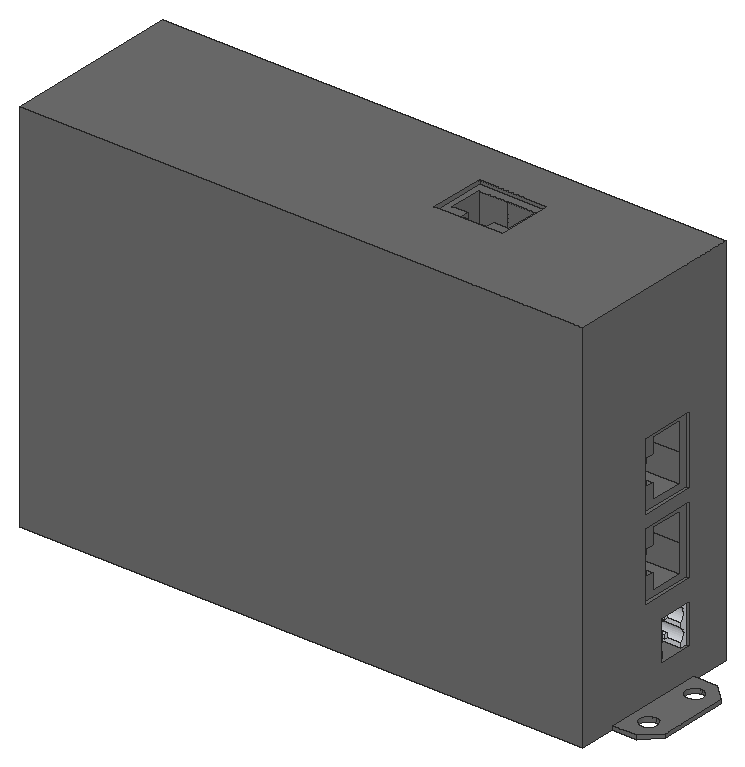
Revit family "Б747 VoIP шлюз_RV17_LOD400 (05.11.23)", category Электрооборудование, Revit 2017
Family settings
  Конфигурация панели = Два столбца, слева направо
  Размер круглого соединителя = Использовать диаметр
  Тип детали = Щит
  На основе рабочей плоскости = Да
  Всегда вертикально = Нет
  При загрузке вырезать с полостями = Нет
  Общий = Нет
  Точка расчета площади = Нет
Parameters (values of type "Б747 VoIP шлюз")
  Смещение_УГО_Y [instance] = 0 mm
  Смещение_УГО_X [instance] = 0 mm
  Режим работы = "непрерывный"
  Раздел проекта [instance] = ""
  Раздел Спецификации [instance] = ""
  Потребляемый ток при 12В / 24В, А = "0,6 / 0,2"
  Default Elevation = 1219.2 mm
  Напряжение = "12"
  Интерфейс связи = "10BaseT/100BaseTX Ethernet"
  Диапазон напряжения электропитания постоянного тока, В = "12-24 (Passive РоЕ)"
  В_Смещение_УГО_Y [instance] = Смещение_УГО_Y + 2000 mm  # 2000 mm
  В_Смещение_УГО_X [instance] = Смещение_УГО_X + 2000 mm  # 2000 mm
  d_короба = 20 mm
  ADSK_Размер_Длина = 159 mm
  ADSK_Размер_Глубина = 93 mm
  ADSK_Размер_Высота = 44 mm
  ADSK_Примечание = ""
  ADSK_Наименование = "VoIP шлюз Б747"
  ADSK_Масса = 0.5
  ADSK_Марка = "СТВФ.426471.041"
  ADSK_Количество = 1
  ADSK_Завод-изготовитель = "ООО «Основа Безопасности»"  # constant formula
  ADSK_Единица измерения = "шт."  # constant formula
  ADSK_URL страницы изделия = "https://stilsoft.ru/products/b747"
  ADSK_URL документации изделия = ""
Reference planes
  plane 1 "По центру (Вперед/Назад)": y = 0
  plane 2: z = 0
  plane 3 "По центру (Влево/Вправо)": x = 0
  plane 4: y = 2000
  plane 5: x = -2000
  plane 6: x = 0
  plane 7: y = 0
  plane 8: x = -69.5
  plane 9 "1": x = 69.5
  plane 10: y = 22.5
  plane 11: y = -21.5
  plane 12: x = -79.5
  plane 13: x = 79.5
Forms (mm)
  Extrusion 1, solid, material "корпус", detail levels medium+fine
    sketch origin (0, 22.5, 0) x (0, -1, 0) y (1, 0, 0)
      loop
        line (44, -69.5) -> (44, 69.5) -> (0, 69.5) -> (0, -69.5) -> (44, -69.5)
    from 0 to 93
  Extrusion 2, solid, material "корпус", detail levels medium+fine
    sketch origin (0, 22.5, 0) x (0, -1, 0) y (1, 0, 0)
      loop
        line (10, -69.5) -> (10, -75.507) -> (13.993, -79.5) -> (31.007, -79.5) -> (35, -75.507) -> (35, -69.5) -> (10, -69.5)
      loop
        circle (29.645, -74.285) r 2.183
      loop
        circle (15.355, -74.285) r 2.183
      loop
        line (10, 69.5) -> (35, 69.5) -> (35, 75.507) -> (31.007, 79.5) -> (13.993, 79.5) -> (10, 75.507) -> (10, 69.5)
      loop
        circle (29.645, 74.285) r 2.183
      loop
        circle (15.355, 74.285) r 2.183
    from 0 to 1
  Extrusion 3, void
    sketch origin (69.5, 22.5, -8.998) x (0, 0, -1) y (0, -1, 0)
      loop
        line (-68.973, 10.927) -> (-51.973, 10.927) -> (-51.973, 24.927) -> (-68.973, 24.927) -> (-68.973, 10.927)
    from 0 to 1
  Extrusion 4, void
    sketch origin (69.5, 22.5, -27.908) x (0, 0, -1) y (0, -1, 0)
      loop
        line (-67.973, 10.927) -> (-50.973, 10.927) -> (-50.973, 24.927) -> (-67.973, 24.927) -> (-67.973, 10.927)
    from 0 to 1
  Extrusion 5, void
    sketch origin (69.5, 22.5, -8.998) x (0, 0, -1) y (0, -1, 0)
      loop
        line (-60.473, 12.927) -> (-53.433, 12.927) -> (-53.433, 21.216) -> (-57.301, 21.216) -> (-57.301, 23.296) -> (-58.634, 23.296) -> (-58.634, 24.434) -> (-60.473, 24.434) -> (-62.313, 24.434) -> (-62.313, 23.296) -> (-63.646, 23.296) -> (-63.646, 21.216) -> (-67.514, 21.216) -> (-67.514, 12.927) -> (-60.473, 12.927)
      loop
        line (-40.473, 12.927) -> (-33.433, 12.927) -> (-33.433, 21.216) -> (-37.301, 21.216) -> (-37.301, 23.296) -> (-38.634, 23.296) -> (-38.634, 24.434) -> (-40.473, 24.434) -> (-42.313, 24.434) -> (-42.313, 23.296) -> (-43.646, 23.296) -> (-43.646, 21.216) -> (-47.514, 21.216) -> (-47.514, 12.927) -> (-40.473, 12.927)
    from 1 to 12
  Extrusion 6, void
    sketch origin (-37.5, 22.5, 93) x (-1, 0, 0) y (0, -1, 0)
      loop
        line (-55, 10.927) -> (-55, 24.927) -> (-72, 24.927) -> (-72, 10.927) -> (-55, 10.927)
    from 0 to -1
  Extrusion 7, void
    sketch origin (-37.5, 22.5, 93) x (-1, 0, 0) y (0, -1, 0)
      loop
        line (-63.5, 12.927) -> (-56.459, 12.927) -> (-56.459, 21.216) -> (-60.328, 21.216) -> (-60.328, 23.296) -> (-61.66, 23.296) -> (-61.66, 24.434) -> (-63.5, 24.434) -> (-65.34, 24.434) -> (-65.34, 23.296) -> (-66.672, 23.296) -> (-66.672, 21.216) -> (-70.541, 21.216) -> (-70.541, 12.927) -> (-63.5, 12.927)
    from -1 to -12
  Extrusion 8, void
    sketch origin (69.5, 22.5, 0) x (0, 0, -1) y (0, -1, 0)
      loop
        line (-17.959, 10.927) -> (-7.959, 10.927) -> (-7.959, 19.927) -> (-17.959, 19.927) -> (-17.959, 10.927)
    from 0 to 10
  Extrusion 9, solid, detail levels medium+fine
    sketch origin (69.5, 22.5, 0) x (0, 0, -1) y (0, -1, 0)
      loop
        line (-7.959, 12.515) -> (-8.959, 12.515)
        arc (-8.959, 12.515) -> (-10.681, 11.699) -> (-12.402, 12.515) r 2.224
        line (-12.402, 12.515) -> (-13.457, 12.515)
        arc (-13.457, 12.515) -> (-15.215, 11.623) -> (-16.972, 12.515) r 2.178
        line (-16.972, 12.515) -> (-17.959, 12.515) -> (-17.959, 10.927) -> (-7.959, 10.927) -> (-7.959, 12.515)
    from 10 to 1
  Extrusion 10, solid, detail levels medium+fine
    sketch origin (69.5, 22.5, 0) x (0, 0, -1) y (0, -1, 0)
      loop
        line (-7.959, 19.534) -> (-17.959, 19.534) -> (-17.959, 17.823) -> (-7.959, 17.823) -> (-7.959, 19.534)
    from 10 to 3
  Blend 11, solid, detail levels medium+fine
    base sketch origin (69.5, 22.5, 0) x (0, 0, -1) y (0, -1, 0)
      loop
        line (-7.959, 19.534) -> (-9.981, 19.534) -> (-9.981, 17.823) -> (-7.959, 17.823) -> (-7.959, 19.534)
    top sketch origin (69.5, 22.5, 0) x (0, 0, -1) y (0, -1, 0)
      loop
        line (-7.959, 19.139) -> (-9.674, 19.139) -> (-9.674, 18.224) -> (-7.959, 18.224) -> (-7.959, 19.139)
    from 4 to 1
  Blend 12, solid, detail levels medium+fine
    base sketch origin (69.5, 22.5, 25.918) x (0, 0, 1) y (0, 1, 0)
      loop
        line (-7.959, -19.534) -> (-7.959, -17.823) -> (-9.981, -17.823) -> (-9.981, -19.534) -> (-7.959, -19.534)
    top sketch origin (69.5, 22.5, 25.918) x (0, 0, 1) y (0, 1, 0)
      loop
        line (-7.959, -19.139) -> (-7.959, -18.224) -> (-9.674, -18.224) -> (-9.674, -19.139) -> (-7.959, -19.139)
    from 4 to 1
  Blend 13, solid, detail levels medium+fine
    base sketch origin (69.5, 22.5, 0) x (0, 0, -1) y (0, -1, 0)
      loop
        line (-11.265, 19.534) -> (-14.611, 19.534) -> (-14.611, 17.823) -> (-11.265, 17.823) -> (-11.265, 19.534)
    top sketch origin (69.5, 22.5, 0) x (0, 0, -1) y (0, -1, 0)
      loop
        line (-11.644, 19.139) -> (-14.232, 19.139) -> (-14.232, 18.224) -> (-11.644, 18.224) -> (-11.644, 19.139)
    from 4 to 1
  Extrusion 14, solid, detail levels medium+fine
    sketch origin (69.5, 22.5, 0) x (0, 0, -1) y (0, -1, 0)
      loop
        circle (-15.215, 14.723) r 1.188
      loop
        circle (-10.739, 14.723) r 1.188
    from 10 to 9
  Blend 15, solid, detail levels medium+fine
    base sketch origin (69.5, 22.5, 0) x (0, 0, -1) y (0, -1, 0)
      loop
        line (-9.999, 15.376) -> (-11.489, 15.376) -> (-11.489, 14.034) -> (-9.999, 14.034) -> (-9.999, 15.376)
    top sketch origin (69.5, 22.5, 0) x (0, 0, -1) y (0, -1, 0)
      loop
        line (-10.289, 15.082) -> (-11.282, 15.082) -> (-11.282, 14.296) -> (-10.289, 14.296) -> (-10.289, 15.082)
    from 9 to 3
  Blend 16, solid, detail levels medium+fine
    base sketch origin (69.5, 22.5, 25.918) x (0, 0, 1) y (0, 1, 0)
      loop
        line (-9.999, -15.376) -> (-9.999, -14.034) -> (-11.489, -14.034) -> (-11.489, -15.376) -> (-9.999, -15.376)
    top sketch origin (69.5, 22.5, 25.918) x (0, 0, 1) y (0, 1, 0)
      loop
        line (-10.289, -15.082) -> (-10.289, -14.296) -> (-11.282, -14.296) -> (-11.282, -15.082) -> (-10.289, -15.082)
    from 9 to 3
Cuts and joins
  Extrusion 3, Extrusion 4, Extrusion 5, Extrusion 6, Extrusion 7, Extrusion 8 cuts Extrusion 1
Dimensions and locks
  locked: plane 4 to plane 1 "По центру (Вперед/Назад)" at 2000
  locked: plane 5 to plane 3 "По центру (Влево/Вправо)" at 2000
  "В_Смещение_УГО_X": plane 5 to plane 6
  "В_Смещение_УГО_Y": plane 4 to plane 7
  "ADSK_Размер_Глубина": cut or joined group of Extrusion 1, Extrusion 3, Extrusion 4, Extrusion 5, Extrusion 6, Extrusion 7, Extrusion 8 to level
  "ADSK_Размер_Высота": plane 11 to plane 10
  "ADSK_Размер_Длина": plane 12 to plane 13
  aligned and locked: level to plane 2
Automatic sketch dimensions
  Extrusion 2 sketch curve to plane 8 = 0 mm
  Extrusion 2 sketch curve to plane 9 "1" = 0 mm
  Extrusion 2 sketch curve to plane 1 "По центру (Вперед/Назад)" = 12.5 mm  (x2)
  Extrusion 2 sketch curve to Extrusion 2 sketch curve = 3.993 mm  (x2)
  Extrusion 2 sketch curve to Extrusion 2 sketch curve = 1.362 mm  (x4)
  Extrusion 2 sketch curve to plane 9 "1" = 4.785 mm  (x2)
  Extrusion 2 sketch curve to Extrusion 2 sketch curve = 14.289 mm  (x2)
  Extrusion 2 sketch curve to plane 8 = 4.785 mm  (x2)
  Extrusion 2 sketch curve to Extrusion 2 sketch curve = 5.355 mm  (x2)
  Extrusion 1 sketch curve to plane 1 "По центру (Вперед/Назад)" = 22.5 mm
  Extrusion 1 sketch curve to plane 8 = 0 mm
  Extrusion 1 sketch curve to plane 9 "1" = 0 mm
  plane 1 "По центру (Вперед/Назад)" to Extrusion 1 sketch curve = 21.5 mm
  Extrusion 3 sketch curve to plane 1 "По центру (Вперед/Назад)" = 11.573 mm
  Extrusion 3 sketch curve to Extrusion 3 sketch curve = 14 mm
  Extrusion 4 sketch curve to Extrusion 4 sketch curve = 17 mm
  Extrusion 4 sketch curve to plane 1 "По центру (Вперед/Назад)" = 11.573 mm
  Extrusion 4 sketch curve to Extrusion 4 sketch curve = 14 mm
  Extrusion 5 sketch curve to Extrusion 5 sketch curve = 3.868 mm  (x4)
  Extrusion 5 sketch curve to Extrusion 5 sketch curve = 1.333 mm  (x4)
  Extrusion 5 sketch curve to Extrusion 5 sketch curve = 7.041 mm  (x2)
  Extrusion 5 sketch curve to Extrusion 5 sketch curve = 1.84 mm  (x4)
  Extrusion 5 sketch curve to plane 1 "По центру (Вперед/Назад)" = 9.573 mm  (x2)
  Extrusion 5 sketch curve to Extrusion 5 sketch curve = 8.288 mm  (x2)
  Extrusion 5 sketch curve to Extrusion 5 sketch curve = 0 mm  (x2)
  Extrusion 5 sketch curve to Extrusion 5 sketch curve = 2.08 mm  (x4)
  Extrusion 5 sketch curve to Extrusion 5 sketch curve = 1.138 mm  (x2)
  Extrusion 6 sketch curve to plane 1 "По центру (Вперед/Назад)" = 11.573 mm
  plane 3 "По центру (Влево/Вправо)" to Extrusion 6 sketch curve = 34.5 mm
  Extrusion 6 sketch curve to Extrusion 6 sketch curve = 17 mm
  Extrusion 6 sketch curve to Extrusion 6 sketch curve = 14 mm
  Extrusion 7 sketch curve to plane 1 "По центру (Вперед/Назад)" = 9.573 mm
  plane 3 "По центру (Влево/Вправо)" to Extrusion 7 sketch curve = 33.041 mm
  Extrusion 7 sketch curve to Extrusion 7 sketch curve = 3.868 mm
  Extrusion 7 sketch curve to Extrusion 7 sketch curve = 1.333 mm  (x2)
  Extrusion 7 sketch curve to Extrusion 7 sketch curve = 7.041 mm  (x2)
  Extrusion 7 sketch curve to Extrusion 7 sketch curve = 1.84 mm  (x2)
  Extrusion 7 sketch curve to Extrusion 7 sketch curve = 8.288 mm
  Extrusion 7 sketch curve to Extrusion 7 sketch curve = 0 mm
  Extrusion 7 sketch curve to Extrusion 7 sketch curve = 2.08 mm  (x2)
  Extrusion 7 sketch curve to Extrusion 7 sketch curve = 1.138 mm
  level to Extrusion 8 sketch curve = 17.959 mm
  level to Extrusion 8 sketch curve = 7.959 mm
  Extrusion 8 sketch curve to plane 1 "По центру (Вперед/Назад)" = 11.573 mm
  Extrusion 8 sketch curve to Extrusion 8 sketch curve = 9 mm
  level to Extrusion 9 sketch curve = 17.959 mm
  Extrusion 9 sketch curve to Extrusion 9 sketch curve = 0.986 mm
  Extrusion 9 sketch curve to Extrusion 9 sketch curve = 1.758 mm  (x2)
  Extrusion 9 sketch curve to Extrusion 9 sketch curve = 1.055 mm
  Extrusion 9 sketch curve to Extrusion 9 sketch curve = 1.722 mm  (x2)
  Extrusion 9 sketch curve to Extrusion 9 sketch curve = 1 mm
  Extrusion 9 sketch curve to plane 1 "По центру (Вперед/Назад)" = 11.573 mm
  Extrusion 9 sketch curve to Extrusion 9 sketch curve = 1.588 mm
  Extrusion 9 sketch curve to Extrusion 9 sketch curve = 1.286 mm
  Extrusion 9 sketch curve to Extrusion 9 sketch curve = 1.408 mm
  level to Extrusion 10 sketch curve = 17.959 mm
  level to Extrusion 10 sketch curve = 7.959 mm
  Extrusion 10 sketch curve to plane 1 "По центру (Вперед/Назад)" = 4.677 mm
  Extrusion 10 sketch curve to Extrusion 10 sketch curve = 1.711 mm
  level to Blend 11 sketch curve = 9.981 mm
  Blend 11 sketch curve to Blend 11 sketch curve = 2.023 mm
  Blend 11 sketch curve to plane 1 "По центру (Вперед/Назад)" = 4.677 mm
  Blend 11 sketch curve to Blend 11 sketch curve = 1.711 mm
  level to Blend 11 sketch curve = 9.674 mm
  Blend 11 sketch curve to Blend 11 sketch curve = 1.716 mm
  Blend 11 sketch curve to plane 1 "По центру (Вперед/Назад)" = 4.276 mm
  Blend 11 sketch curve to Blend 11 sketch curve = 0.915 mm
  Blend 12 sketch curve to level = 15.936 mm
  Blend 12 sketch curve to Blend 12 sketch curve = 2.023 mm
  plane 1 "По центру (Вперед/Назад)" to Blend 12 sketch curve = 4.677 mm
  Blend 12 sketch curve to Blend 12 sketch curve = 1.711 mm
  Blend 12 sketch curve to level = 16.243 mm
  Blend 12 sketch curve to Blend 12 sketch curve = 1.716 mm
  plane 1 "По центру (Вперед/Назад)" to Blend 12 sketch curve = 4.276 mm
  Blend 12 sketch curve to Blend 12 sketch curve = 0.915 mm
  level to Blend 13 sketch curve = 14.611 mm
  Blend 13 sketch curve to Blend 13 sketch curve = 3.347 mm
  Blend 13 sketch curve to plane 1 "По центру (Вперед/Назад)" = 4.677 mm
  Blend 13 sketch curve to Blend 13 sketch curve = 1.711 mm
  level to Blend 13 sketch curve = 14.232 mm
  Blend 13 sketch curve to Blend 13 sketch curve = 2.589 mm
  Blend 13 sketch curve to plane 1 "По центру (Вперед/Назад)" = 4.276 mm
  Blend 13 sketch curve to Blend 13 sketch curve = 0.915 mm
  level to Extrusion 14 sketch curve = 15.215 mm
  Extrusion 14 sketch curve to Extrusion 14 sketch curve = 4.476 mm
  Extrusion 14 sketch curve to plane 1 "По центру (Вперед/Назад)" = 7.777 mm
  Extrusion 14 sketch curve to Extrusion 14 sketch curve = 0 mm
  level to Blend 15 sketch curve = 11.489 mm
  Blend 15 sketch curve to Blend 15 sketch curve = 1.489 mm
  Blend 15 sketch curve to plane 1 "По центру (Вперед/Назад)" = 8.466 mm
  Blend 15 sketch curve to Blend 15 sketch curve = 1.342 mm
  level to Blend 15 sketch curve = 11.282 mm
  Blend 15 sketch curve to Blend 15 sketch curve = 0.993 mm
  Blend 15 sketch curve to plane 1 "По центру (Вперед/Назад)" = 8.204 mm
  Blend 15 sketch curve to Blend 15 sketch curve = 0.786 mm
  Blend 16 sketch curve to level = 14.429 mm
  Blend 16 sketch curve to Blend 16 sketch curve = 1.489 mm
  plane 1 "По центру (Вперед/Назад)" to Blend 16 sketch curve = 8.466 mm
  Blend 16 sketch curve to Blend 16 sketch curve = 1.342 mm
  Blend 16 sketch curve to level = 14.636 mm
  Blend 16 sketch curve to Blend 16 sketch curve = 0.993 mm
  plane 1 "По центру (Вперед/Назад)" to Blend 16 sketch curve = 8.204 mm
  Blend 16 sketch curve to Blend 16 sketch curve = 0.786 mm
  Extrusion 3 sketch curve to Extrusion 3 sketch curve = 17 mm
  level to Extrusion 4 sketch curve = 40.066 mm
  Extrusion 5 sketch curve to Extrusion 5 sketch curve = 5.918 mm
  level to Extrusion 3 sketch curve = 59.975 mm
  level to Extrusion 5 sketch curve = 58.516 mm
  Extrusion 2 sketch curve to Extrusion 2 sketch curve = 1.221 mm  (x4)
  Extrusion 2 sketch curve to Extrusion 2 sketch curve = 5.215 mm  (x2)
  radius of Extrusion 2 sketch curve = 2.183 mm  (x4)
  radius of Extrusion 14 sketch curve = 1.188 mm  (x2)
Connectors
  electrical at (26, 4.573, 92)
    settings: on cut or joined group of Extrusion 1, Extrusion 3, Extrusion 4, Extrusion 5, Extrusion 6, Extrusion 7, Extrusion 8, index 1, voltage 0 V, apparent load 0 VA, apparent load phase1 0 VA, apparent load phase2 0 VA, apparent load phase3 0 VA, power factor 1, load classification "Прочее", number of poles 1, system type 14, power factor state 1, is connector primary yes, connector utility no, sub classification motor no, connector description ""
  electrical at (69.5, 4.573, 51.475)
    settings: on cut or joined group of Extrusion 1, Extrusion 3, Extrusion 4, Extrusion 5, Extrusion 6, Extrusion 7, Extrusion 8, index 2, voltage 0 V, apparent load 0 VA, apparent load phase1 0 VA, apparent load phase2 0 VA, apparent load phase3 0 VA, power factor 1, load classification "Прочее", number of poles 1, system type 14, power factor state 1, is connector primary no, connector utility no, sub classification motor no, connector description ""
  electrical at (69.5, 4.573, 31.566)
    settings: on cut or joined group of Extrusion 1, Extrusion 3, Extrusion 4, Extrusion 5, Extrusion 6, Extrusion 7, Extrusion 8, index 3, voltage 0 V, apparent load 0 VA, apparent load phase1 0 VA, apparent load phase2 0 VA, apparent load phase3 0 VA, power factor 1, load classification "Прочее", number of poles 1, system type 14, power factor state 1, is connector primary no, connector utility no, sub classification motor no, connector description ""
  electrical at (69.5, 7.073, 12.959)
    settings: on cut or joined group of Extrusion 1, Extrusion 3, Extrusion 4, Extrusion 5, Extrusion 6, Extrusion 7, Extrusion 8, index 4, voltage 0 V, apparent load 0 VA, apparent load phase1 0 VA, apparent load phase2 0 VA, apparent load phase3 0 VA, power factor 1, load classification "Прочее", number of poles 1, system type 14, power factor state 1, is connector primary no, connector utility no, sub classification motor no, connector description ""
  cabletrayconduit at (26, 4.573, 92), diameter 20, driven by "d_короба"
    settings: on cut or joined group of Extrusion 1, Extrusion 3, Extrusion 4, Extrusion 5, Extrusion 6, Extrusion 7, Extrusion 8, index 5, connector width 300 mm, connector height 300 mm, connector angle 0.00°, system type 32, placement type 0, profile type 0, connector reference index -1, is primary connector yes, connector utility param no, connector description ""
  cabletrayconduit at (68.5, 1.776, 31.475), diameter 20, driven by "d_короба"
    settings: on cut or joined group of Extrusion 1, Extrusion 3, Extrusion 4, Extrusion 5, Extrusion 6, Extrusion 7, Extrusion 8, index 7, connector width 300 mm, connector height 300 mm, connector angle 0.00°, system type 32, placement type 0, profile type 0, connector reference index -1, is primary connector no, connector utility param no, connector description ""
  cabletrayconduit at (68.5, 1.776, 51.475), diameter 20, driven by "d_короба"
    settings: on cut or joined group of Extrusion 1, Extrusion 3, Extrusion 4, Extrusion 5, Extrusion 6, Extrusion 7, Extrusion 8, index 8, connector width 300 mm, connector height 300 mm, connector angle 0.00°, system type 32, placement type 0, profile type 0, connector reference index -1, is primary connector no, connector utility param no, connector description ""
  cabletrayconduit at (59.5, 7.073, 12.959), diameter 20, driven by "d_короба"
    settings: on cut or joined group of Extrusion 1, Extrusion 3, Extrusion 4, Extrusion 5, Extrusion 6, Extrusion 7, Extrusion 8, index 9, connector width 300 mm, connector height 300 mm, connector angle 0.00°, system type 32, placement type 0, profile type 0, connector reference index -1, is primary connector no, connector utility param no, connector description ""
